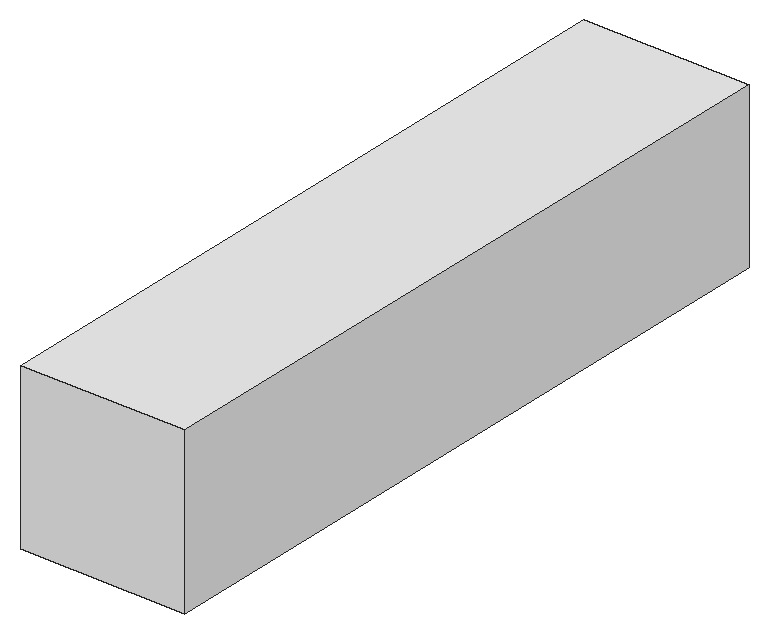
Revit family "Sanitary_Accessories_57100-PRESTO-Linea-Wall-mounted-single-sensor-tap-FR", category Pipe Accessories, Revit 2018
Family settings
  Round Connector Dimension = Use Diameter
  Part Type = Normal
  Work Plane-Based = No
  Always vertical = Yes
  Cut with Voids When Loaded = No
  Shared = No
Parameters (values of type "57100 PRESTO Linea  - Robinet simple électronique mural pour lavabo")
  Youtube clip = ""
  Weight Net (Kg) = ""
  Uniformat II Description = ""
  Uniformat II Code = ""
  Uniclass 2015 Name = ""
  Uniclass 2015 Code = ""
  Uniclass 2.0 Description = ""
  Uniclass 2.0 Code = ""
  Uniclass 1.4 Description = ""
  Uniclass 1.4 Code = ""
  URL du produit = "http://www.prestodatashare.com/centretelechargement/index.php?lang=FR&refs=57100"
  URL = "http://www.presto.fr"
  UNSPSC Code = ""
  Technical description = "http://www.prestodatashare.com/espacedoc/Fiches_Techniques/GB/57100.pdf"
  Region South America = ""
  Region Oceania = ""
  Region North America = ""
  Region Middle East = ""
  Region Europe = ""
  Region Asia = ""
  Region Antarctica = ""
  Region Africa = ""
  Raccordement = "Alimentation hydraulique : G 1/2'' (15x21)\r\nVanne d'arrêt intégrée\r\nAlimentation électrique : Pile lithium 6V CR123 intégrée dans le corps du robinet"  # constant formula
  QR code = "https://www.bimobject.com/presto/product/pre-linea-57100"
  Profondeur = 257.5 mm  # constant formula
  Product url = "http://www.prestodatashare.com/centretelechargement/index.php?lang=GB&refs=57100"
  Product name = "57100 PRESTO Linea - Wall-mounted single sensor tap"
  Product group = "Washbasin"
  Product family = "Sanitary"
  Product data url = "https://www.bimobject.com/presto/product/pre-linea-57100"
  Product certification = ""
  Product SKU = "PRE-LINEA-57100"
  Product Guid = "139fedad-5d0d-4850-bc9e-99abaf07c501"
  Pression [instance] = "1 à 5 bars"  # constant formula
  Perte de charge [instance] = 5.00 bar
  OmniClass Description = ""
  OmniClass Code = ""
  NBS Reference Description = ""
  NBS Reference Code = ""
  Model = "57100"
  Matériau [instance] = Corps en laiton chromé, intérieur lisse
  Masterformat 2014 Description = ""
  Masterformat 2014 Code = ""
  Manufacturer name = "Presto"
  Manufacturer country = ""
  Manufacturer = "LES ROBINETS PRESTO S.A."  # constant formula
  Lien notice d'utilisation = "http://www.prestodatashare.com/centretelechargement/support.php?ref=57100&lang=FR"
  Lien fiche produit = "http://www.prestodatashare.com/espacedoc/Fiches_Techniques/FR/57100.pdf"
  Lien CCTP = "http://www.prestodatashare.com/centretelechargement/index.php?lang=FR&refs=57100"
  Largeur = 60 mm  # constant formula
  Installation instructions = "http://www.prestodatashare.com/centretelechargement/support.php?ref=57100&lang=GB"
  IFC Classification = ""
  Hauteur = 60 mm  # constant formula
  Garantie = "10 ans"  # constant formula
  Fonction = "Débit : 3 l/mn par régulateur de débit intégré\r\nAérateur anti-tartre haute qualité"  # constant formula
  Flux = 3.00183 L/min
  Edition number = 1
  EAN code = ""
  Diamètre Nominal = 12.7 mm  # constant formula
  Design country = ""
  Description = "Applique, Pile, 3l/min\r\nDéclenchement sans contact adapté PMR"  # constant formula
  Date of publishing = ""
  COBIe Type Category = ""
  Brand url = ""
  BIMobject category = "Sanitary Accessories"
  Adresse = "7, RUE RACINE - 92542 MONTROUGE CEDEX FRANCE"  # constant formula
Reference planes
  plane 1 "Center (Front/Back)": y = 0
  plane 2: z = 0
  plane 3 "Center (Left/Right)": x = 0
  plane 4: x = -30
  plane 5: x = 30
  plane 6: y = -257.5
  plane 7: z = 60
Forms (mm)
  Extrusion 1, solid, material "Corps en laiton chromé, intérieur lisse" <- "Matériau", detail levels fine
    sketch origin (0, 0, 0) x (1, 0, 0) y (0, 1, 0)
      loop
        line (-30, 0) -> (-30, -257.5) -> (30, -257.5) -> (30, 0) -> (-30, 0)
    from 0 to 60
Lines and regions (mm)
  symbolic lines
    curve 1: line (-30, 0, 0) -> (30, 0, 0)
    curve 2: line (30, 0, 0) -> (-30, -257.5, 0)
    curve 3: line (-30, -257.5, 0) -> (30, -257.5, 0)
    curve 4: line (30, -257.5, 0) -> (-30, 0, 0)
  model lines, detail levels coarse+medium
    curve 5: line (-30, -257.5, 30) -> (30, -257.5, 30)
    curve 6: line (30, -257.5, 30) -> (-30, 0, 30)
    curve 7: line (-30, 0, 30) -> (30, 0, 30)
    curve 8: line (30, 0, 30) -> (-30, -257.5, 30)
Dimensions and locks
  equal spacing: plane 4, plane 3 "Center (Left/Right)", plane 5
  "Largeur": plane 4 to plane 5
  "Hauteur": plane 7 to level
  "Profondeur": plane 6 to plane 1 "Center (Front/Back)"
  aligned and locked: plane 2 to level
  aligned and locked: Extrusion 1 sketch curve to plane 4
  aligned and locked: plane 5 to Extrusion 1 sketch curve
  aligned and locked: Extrusion 1 sketch curve to plane 6
  aligned and locked: plane 7 to Extrusion 1
  aligned and locked: Extrusion 1 to plane 1 "Center (Front/Back)"
  aligned and locked: plane 6 to Extrusion 1
  aligned and locked: plane 4 to curve 4
  aligned and locked: curve 3 to plane 4
  aligned and locked: plane 5 to curve 2
  aligned and locked: plane 5 to curve 4
  aligned and locked: plane 6 to curve 4
  aligned and locked: plane 6 to curve 3
  aligned and locked: plane 1 "Center (Front/Back)" to curve 4
  aligned and locked: plane 1 "Center (Front/Back)" to curve 2
Automatic sketch dimensions
  plane 1 "Center (Front/Back)" to Extrusion 1 sketch curve = 0 mm
  curve 8 to plane 4 = 0 mm
  plane 1 "Center (Front/Back)" to curve 7 = 0 mm
  curve 7 to plane 4 = 0 mm
  curve 7 to plane 5 = 0 mm
  curve 6 to plane 5 = 0 mm
  plane 6 to curve 5 = 0 mm
Connectors
  piping at (0, 0, 30), diameter 12.7, driven by "Diamètre Nominal", driven by "Flux", driven by "Perte de charge"
    settings: on Extrusion 1, index 1, connector inside diameter 24", connector length 0 mm, flow factor 0, pipe flow 3.00183 L/min, pressure drop 5.00 bar, fitting loss kfactor 0, connector angle 0.00°, fixture units 0, engagement length 0 mm, angle of deflection 0.00°, flow configuration 0, flow direction 1, fitting loss method 4, system type 20, joint type 0, gender type 0, connector reference index -1, connector utility 0, adjustable connector no, is connector primary yes, connector description "Water input"
